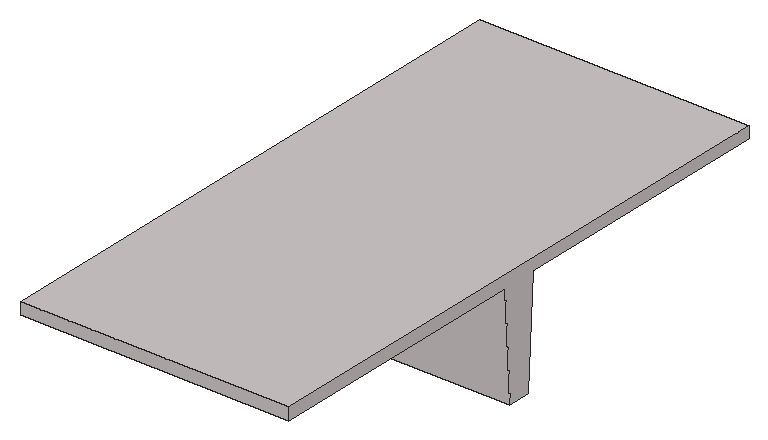
Revit family
Parameters (values of type "2400 x 500mm")
  시작 확장 계산 [instance] = 3012.5 mm + 시작 확장  # 3000 mm
  시작 확장 [instance] = -12.5 mm
  Keynote = "E"
  끝 확장 계산 [instance] = 3012.5 mm + 끝 확장  # 3000 mm
  끝 확장 [instance] = -12.5 mm
  보 재료 [instance] = 콘크리트 - 프리캐스트 콘크리트 - 35MPa
  Assembly Code = ""
  깊이 = 500 mm
  Length [instance] = 1524 mm
  슬래브 깊이 = 51 mm
  스템 폭 = 95 mm
  폭 = 2400 mm
Types (3, lengths in mm): name | 깊이
  (no name) | 500
  2400 x 450mm | 450
  2400 x 500mm | 500
Reference planes
  plane 1 "중심(앞/뒤)": y = 0
  plane 2: z = 0
  plane 3 "중심(왼쪽/오른쪽)": x = 4.61
  plane 4 "왼쪽 부재": x = -557.39
  plane 5 "오른쪽 부재": x = 566.61
  plane 6: y = 1200
  plane 7: y = -1200
  plane 8: z = 250
  plane 9 "하단": z = -250
  plane 10 "왼쪽": x = -757.39
  plane 11 "오른쪽": x = 766.61
  plane 12: x = -557.39
  plane 13: x = 566.61
  plane 14: x = 2442.61
  plane 15: x = -2433.39
Forms (mm)
  Sweep 1, solid, material "콘크리트 - 프리캐스트 콘크리트 - 35MPa" <- "보 재료"
    path origin (0, 0, 0) x (1, 0, 0) y (0, 1, 0)
      loop
        line (566.61, 0) -> (-557.39, 0)
    profile "M_단일 T자형-프로파일 : M_단일 T자형-프로파일" origin (4.61, 0, 0) x (0, -1, 0) y (0, 0, 1)
      loop
        line (-1200, 199) -> (-72.9, 199) -> (-47.5, -250) -> (47.5, -250) -> (72.9, 199) -> (1200, 199) -> (1200, 250) -> (-1200, 250) -> (-1200, 199)
Lines and regions (mm)
  symbolic lines, style "숨겨진 면", detail levels medium+fine
    curve 1: line (-557.39, -47.5, -250) -> (566.61, -47.5, -250)
    curve 2: line (-557.39, 47.5, -250) -> (566.61, 47.5, -250)
Dimensions and locks
  "폭": plane 6 to plane 7
  equal spacing: plane 9 "하단", plane 2, plane 8
  equal spacing: plane 6, plane 1 "중심(앞/뒤)", plane 7
  "깊이": plane 9 "하단" to plane 8
  "Length": plane 10 "왼쪽" to plane 11 "오른쪽"
  "스템 폭": curve 1 to curve 2
  equal spacing: curve 1, plane 1 "중심(앞/뒤)", curve 2
  locked: plane 4 "왼쪽 부재" to plane 14 at 3000
  locked: plane 15 to plane 5 "오른쪽 부재" at 3000
  "끝 확장 계산": plane 15 to plane 13
  "시작 확장 계산": plane 12 to plane 14
  aligned and locked: plane 1 "중심(앞/뒤)" to Sweep 1 sketch curve
  aligned and locked: plane 12 to Sweep 1 sketch curve
  aligned and locked: plane 13 to Sweep 1 sketch curve
  aligned and locked: curve 2 to curve 1
  aligned and locked: plane 13 to curve 2
  aligned and locked: plane 12 to curve 2
  aligned and locked: plane 12 to curve 1
